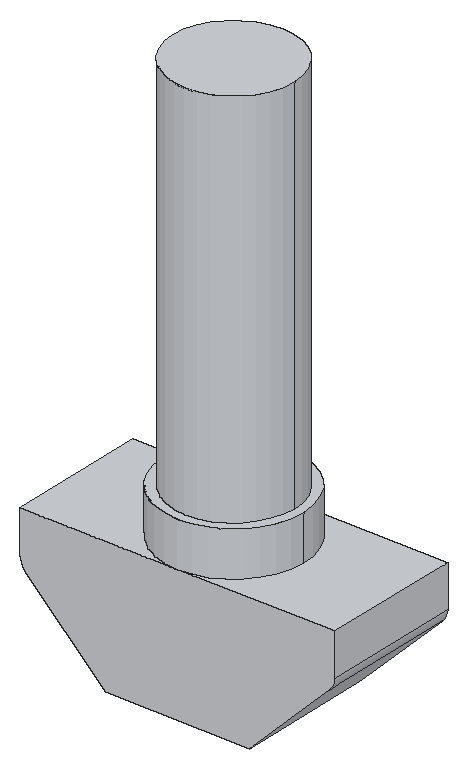
Revit family "CENTUM Hammerschraube, gezahnt", category HLS-Bauteile, Revit 2017
Family settings
  Bemaßung runder Anschluss = Durchmesser verwenden
  Teiletyp = Normal
  Arbeitsebenenbasiert = Nein
  Immer vertikal = Nein
  Beim Laden mit Abzugskörper schneiden = Nein
  Gemeinsam genutzt = Ja
  Raumberechnungspunkt = Nein
Parameters (values of type "CENTUM Sperrscheibe FK10")
  vpe = "100 St"
  max. zul. Last XL80 = ""
  max. zul. Last XL100 = ""
  d1 = 10.8 mm
  Stärke Scheibe = ""
  Stärke Hammerkopf = ""
  S = 10 mm
  Regelhalter [instance] = ""
  Profiltyp = ""
  Profil = ""
  Oberflaeche = "Zink-Nickel"
  Nutzlänge = ""
  Mengeneinheit = "St"
  Material = "Stahl"
  Länge Hammerkopf = ""
  Länge Gewinde = 0 mm
  L1 = 34 mm
  L = 23.5 mm
  Kurztext2 = "d1 12,3 mm 23.5 x 23.5 x 10 mm"
  Kurztext1 = "Sperrscheibe CENTUM"
  Gewinde = ""
  Gewicht pro Bauteil = Gewicht  # 0.031 kg
  Gewicht = 0.031 kg
  Firma = "MEFA Befestigungs- und Montagesysteme GmbH"
  Festigkeitsklasse = "10"
  Fabrikat = "MEFA"
  EAN = "4250928448170"
  Durchmesser U-Scheibe = ""
  D0 = 12.5 mm
  D = 12.5 mm
  Breite Hammerkopf = ""
  Baulänge = ""
  B = 23.209 mm
  Artikelnummer = "1610019000/zn"
  Abmessung = ""
Reference planes
  plane 1 "Mitte (Vorne/hinten)": y = 0
  plane 2: z = 0
  plane 3 "Mitte (Links/rechts)": x = 0
  plane 4: z = 12
  plane 5: y = 6.25
  plane 6: y = -6.25
  plane 7: z = 16
  plane 8: z = 50
Forms (mm)
  Extrusion 1, solid
    sketch origin (0, 0, 12) x (1, 0, 0) y (0, 0, 1)
      loop
        line (0, 0) -> (-14, 0) -> (-14, -3.776)
        arc (-14, -3.776) -> (-13.885, -4.352) -> (-13.558, -4.842) r 1.508
        line (-13.558, -4.842) -> (-6.4, -12) -> (6.4, -12) -> (13.554, -4.846)
        arc (13.554, -4.846) -> (13.884, -4.352) -> (14, -3.77) r 1.522
        line (14, -3.77) -> (14, 0) -> (0, 0)
    from -6.25 to 6.25
  Extrusion 2, solid
    sketch origin (0, 0, 0) x (1, 0, 0) y (0, 1, 0)
      loop
        circle (0, 0) r 6.25
    from 12 to 16
  Extrusion 3, solid
    sketch origin (0, 0, 0) x (1, 0, 0) y (0, 1, 0)
      loop
        circle (0, 0) r 5.4
    from 16 to 50
Lines and regions (mm)
  model lines, not visible
    curve 1: line (9.299, 0, 12) -> (-10.701, 0, 12)
    curve 2: line (0, 10.717, 0) -> (0, -9.283, 0)
    curve 3: line (6.799, 0, 0) -> (-13.201, 0, 0)
    curve 4: line (0, 0, 17.837) -> (0, 0, -11.851)
Dimensions and locks
  "D": plane 5 to plane 6
  equal spacing: plane 5, plane 1 "Mitte (Vorne/hinten)", plane 6
  "L1": plane 7 to plane 8
  "D0": diameter of Extrusion 2 sketch curve
  "d1": diameter of Extrusion 3 sketch curve
  aligned and locked: level to plane 2
  aligned and locked: curve 2 to level
  aligned and locked: curve 3 to level
  aligned and locked: plane 3 "Mitte (Links/rechts)" to curve 4
  aligned and locked: curve 4 to plane 1 "Mitte (Vorne/hinten)"
  aligned and locked: Extrusion 1 to plane 5
  aligned and locked: plane 6 to Extrusion 1
  aligned and locked: Extrusion 2 to plane 4
  aligned and locked: plane 7 to Extrusion 2
  aligned and locked: Extrusion 3 to Extrusion 2
  aligned and locked: plane 8 to Extrusion 3
  aligned and locked: plane 4 to curve 1
Automatic sketch dimensions
  plane 1 "Mitte (Vorne/hinten)" to curve 2 = 9.283 mm
  curve 2 to plane 1 "Mitte (Vorne/hinten)" = 10.717 mm
  Extrusion 1 sketch curve to plane 4 = 0 mm
  Extrusion 1 sketch curve to level = 0 mm
  Extrusion 1 sketch curve to plane 3 "Mitte (Links/rechts)" = 0 mm
  Extrusion 1 sketch curve to plane 3 "Mitte (Links/rechts)" = 6.4 mm
  Extrusion 1 sketch curve to Extrusion 1 sketch curve = 6.092 mm
  plane 3 "Mitte (Links/rechts)" to Extrusion 1 sketch curve = 6.4 mm
  Extrusion 1 sketch curve to Extrusion 1 sketch curve = 6.078 mm
  Extrusion 1 sketch curve to plane 4 = 4.842 mm
  Extrusion 1 sketch curve to Extrusion 1 sketch curve = 1.066 mm
  Extrusion 1 sketch curve to plane 4 = 4.846 mm
  Extrusion 1 sketch curve to Extrusion 1 sketch curve = 1.076 mm
  curve 1 to plane 3 "Mitte (Links/rechts)" = 10.701 mm
  curve 3 to curve 1 = 2.5 mm
  plane 3 "Mitte (Links/rechts)" to curve 3 = 6.799 mm
  plane 3 "Mitte (Links/rechts)" to curve 1 = 9.299 mm
  curve 4 to level = 11.851 mm
  plane 7 to curve 4 = 1.837 mm
  plane 1 "Mitte (Vorne/hinten)" to Extrusion 2 sketch curve = 0 mm
  Extrusion 2 sketch curve to plane 3 "Mitte (Links/rechts)" = 0 mm
  plane 1 "Mitte (Vorne/hinten)" to Extrusion 3 sketch curve = 0 mm
  Extrusion 3 sketch curve to plane 3 "Mitte (Links/rechts)" = 0 mm
